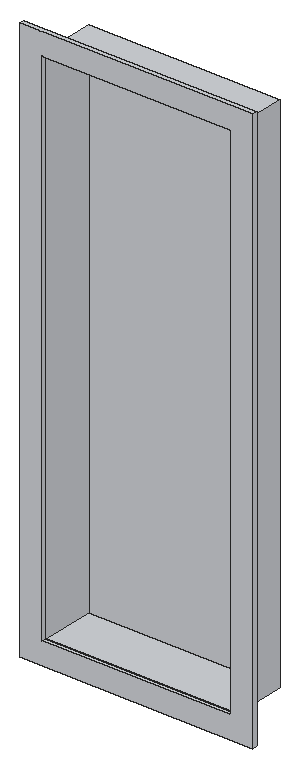
Revit family "Hager-VOLTA-Flush_mounted-Other-Without_Cover-Without_DIN-NoHosted-AT-de", category Electrical Equipment, Revit 2023
Family settings
  Panel Configuration = Two Columns, Circuits Across
  Round Connector Dimension = Use Diameter
  Part Type = Panelboard
  Work Plane-Based = Yes
  Always vertical = Yes
  Cut with Voids When Loaded = No
  Maintain Annotation Orientation = No
  Shared = No
  Room Calculation Point = No
Parameters (values of type "VOLTA-Flush_mounted_W348_H880_D98_12_Modular_Spacing-VU60NK")
  Width Control [instance] = if([HG000006-Unterputz], if([EF000846 - Einbaubreite] > min_whd, [EF000846 - Einbaubreite], min_whd), if([EF000008 - Breite] > min_whd, ([EF000008 - Breite]), min_whd))  # 314 mm
  Void Depth [instance] = if([EF000218 - Einbautiefe] > 1 mm, [EF000218 - Einbautiefe], 1 mm)  # 90 mm
  Uniformat code = "D501001"
  Uniformat = "Low Tension Service & Dist."
  Référence = ""
  HGEF0002950-Breite in Teilungseinheiten = 12
  HGEF000266-Anzahl der Reihen = 5
  HG000131 - Functional label [instance] = ""
  HG000130 - Functional name [instance] = ""
  HG000099-Onfly Template ID-de-AT = "507532"
  HG000059-Operating voltage-de-AT [instance] = 230 V
  HG000017-Distanz zwischen den Polen = 18 mm
  HG000016-3D-Türsichtbarkeit = yes
  HG000015-Sichtbarkeit der Türöffnung = yes
  HG000014-Tür rechts = yes
  HG000013-Tür links = no
  HG000012-Türschwenkwinkel = 90.00°
  HG000011-Leere Reihen von unten = no
  HG000010-Asymmetrische Türen = no
  HG000009-Doppelflügeligen Tür = no
  HG000008-Anzahl der leeren Reihen = 0
  HG000007-Anzahl der leeren Spalten = 0
  HG000006-Unterputz = yes
  HG000005-Dicke = 2 mm
  HG000004-Herstellerreferenz = "VU60NK"
  HG000003-Bereich = "VOLTA"
  HG000002-Mit tür = no
  HG000001-Anzahl der Spalten = 0
  ETIM class name = "Small distribution board"
  ETIM class code = "EC000214"
  EF015941 - Signaldurchlassende Tür = no
  EF015777 - Neutralleiterklemmenblock = no
  EF015776 - Erdungsklemmenblock = no
  EF009212 - Ausführung Deckel = ""
  EF006306 - Mit Schloss = no
  EF006244 - Transparenter Deckel/Tür = no
  EF005474 - Schutzart (IP) = "sonstige"
  EF004464 - Art der Tür = ""
  EF004462 - Art der Schließung = "sonstige"
  EF002950 - Breite in Teilungseinheiten = 12
  EF001596 - Werkstoff des Gehäuses = ""
  EF001134 - DIN-Schiene = no
  EF001131 - Innentiefe = 0 mm
  EF001088 - Anbaumöglichkeit = yes
  EF001062 - EMV-Ausführung = no
  EF000846 - Einbaubreite = 314 mm
  EF000339 - Art der Abdeckung = ""
  EF000332 - Einbauhöhe = 865 mm
  EF000266 - Anzahl der Reihen = 5
  EF000218 - Einbautiefe = 90 mm
  EF000118 - Mit Montageplatte = no
  EF000116 - RAL-Nummer = 9010
  EF000049 - Tiefe = 98 mm
  EF000040 - Höhe = 880 mm
  EF000024 - UV-beständig = no
  EF000008 - Breite = 348 mm
  EF000007 - Farbe = "weiß"
  EF000003 - Montageart = "Unterputz"
  Type Comments = ""
  System Height [instance] = Height Control - 2 * [HG000005-Dicke]  # 861 mm
  Reference description = ""
  Reference = "VOLTA-Flush_mounted_W348_H880_D98_12_Modular_Spacing-VU60NK"
  Panel Name [instance] = ""  # (empty or 0)
  Offset [instance] = 0 mm
  Object type = ""
  Name hager = "ADD_Enclosures_EC000214"
  Name BIM&CO = "Electricity"
  Name = "VOLTA-Flush_mounted-Other-Without_Cover-Without_DIN-AT"
  Model = ""
  Level Offset [instance] = [Flush Mounted - Door Frame Width] + Offset  # 15 mm
  HG000060-RAL-number = "9010"
  GTIN (Global Trade Item Number) = ""
  Description = ""
  Default Elevation = 1200 mm
  Creation Date = "12/15/2025 21:42:06"
  Code hager = "ADD-EC000214_EU"
  Code Uniformat = ""
  BIM&CO code = ""
  BC_VARIANT_ID = "1174071"
  BC_OBJECT_VERSION = "#3"  # constant formula
  BC_OBJECT_ID = "513456"  # constant formula
  BC_MODEL_ID = "1547064"  # constant formula
  BC_METADATA = "{\"ObjectGuid\":\"bc35c96e-cb38-443e-833d-0616858cb9ac\",\"ModelGuid\":\"8af03f69-2293-4735-a617-cc53adf55621\",\"VariantGuid\":\"8b6e323b-1b53-409a-a940-11b5a7fc5337\",\"Revision\":\"#4\",\"VariantName\":\"Template-Enclosure_EU-EC000214\"}"
  Arrow Offset [instance] = Depth Control / 8  # 11.25 mm
  Arrow Height [instance] = Depth Control - Arrow Offset  # 78.75 mm
  Host Offset [instance] = if([HG000006-Unterputz], 0 mm, [EF000049 - Tiefe])  # 0 mm
  min_whd [instance] = (2 * [HG000005-Dicke]) + 1 mm  # 5 mm
  Manufacturer = "Hager"  # constant formula
  Height Control [instance] = if([HG000006-Unterputz], if([EF000332 - Einbauhöhe] > min_whd, [EF000332 - Einbauhöhe], min_whd), if([EF000040 - Höhe] > min_whd, ([EF000040 - Höhe]), min_whd))  # 865 mm
  Flush Mounted - Door Frame Width [instance] = if(([EF000040 - Höhe] - [EF000332 - Einbauhöhe]) > 0 mm, if([HG000006-Unterputz], [EF000040 - Höhe] - [EF000332 - Einbauhöhe], 0 mm), 0 mm)  # 15 mm
  Depth Control [instance] = if([HG000006-Unterputz], if([EF000218 - Einbautiefe] > 0 mm, [EF000218 - Einbautiefe], 1 mm), if([EF000049 - Tiefe] > 0 mm, ([EF000049 - Tiefe]), 1 mm))  # 90 mm
Types (5, lengths in mm): name | HGEF000266-Anzahl der Reihen | HG000004-Herstellerreferenz | EF009212 - Ausführung Deckel | EF004462 - Art der Schließung | EF001062 - EMV-Ausführung | EF000332 - Einbauhöhe | EF000266 - Anzahl der Reihen | EF000116 - RAL-Nummer | EF000049 - Tiefe | EF000040 - Höhe | EF000008 - Breite | EF000007 - Farbe | System Height | Reference | Level Offset | HG000060-RAL-number | BC_VARIANT_ID | Height Control | Flush Mounted - Door Frame Width
  VOLTA-Flush_mounted_W330_H355_D94_12_Modular_Spacing-VU12NK | 1 | "VU12NK" | "geschlossen" | "" | yes | 346 | 1 | 7035 | 94 | 355 | 330 | "grau" | 342 | "VOLTA-Flush_mounted_W330_H355_D94_12_Modular_Spacing-VU12NK" | 9 | "7035" | "1174067" | 346 | 9
  VOLTA-Flush_mounted_W348_H505_D98_12_Modular_Spacing-VU24NK | 2 | "VU24NK" | "" | "sonstige" | no | 471 | 2 | 9010 | 98 | 505 | 348 | "weiß" | 467 | "VOLTA-Flush_mounted_W348_H505_D98_12_Modular_Spacing-VU24NK" | 34 | "9010" | "1174068" | 471 | 34
  VOLTA-Flush_mounted_W348_H630_D98_12_Modular_Spacing-VU36NK | 3 | "VU36NK" | "" | "sonstige" | no | 596 | 3 | 9010 | 98 | 630 | 348 | "weiß" | 592 | "VOLTA-Flush_mounted_W348_H630_D98_12_Modular_Spacing-VU36NK" | 34 | "9010" | "1174069" | 596 | 34
  VOLTA-Flush_mounted_W348_H755_D98_12_Modular_Spacing-VU48NK | 4 | "VU48NK" | "" | "sonstige" | no | 721 | 4 | 9010 | 98 | 755 | 348 | "weiß" | 717 | "VOLTA-Flush_mounted_W348_H755_D98_12_Modular_Spacing-VU48NK" | 34 | "9010" | "1174070" | 721 | 34
  VOLTA-Flush_mounted_W348_H880_D98_12_Modular_Spacing-VU60NK | 5 | "VU60NK" | "" | "sonstige" | no | 865 | 5 | 9010 | 98 | 880 | 348 | "weiß" | 861 | "VOLTA-Flush_mounted_W348_H880_D98_12_Modular_Spacing-VU60NK" | 15 | "9010" | "1174071" | 865 | 15
Reference planes
  plane 1 "Center (Front/Back)": y = 0
  plane 2: z = 0
  plane 3 "Center (Left/Right)": x = 0
  plane 4: y = 17
  plane 5: y = 90
  plane 6: y = 15
  plane 7: z = 0
  plane 8: x = -157
  plane 9: x = 157
  plane 10: x = 155
  plane 11: x = -155
  plane 12: z = 15
  plane 13: z = 17
  plane 14: y = 5
  plane 15: y = 0
  plane 16: y = 88
  plane 17: z = 878
  plane 18: z = 880
  plane 19: z = 447.5
  plane 20: x = 0
  plane 21: y = -100
  plane 22 "Annotation H": y = -300
  plane 23 "Annotation V": x = 357
Forms (mm)
  Extrusion 1, solid
    sketch origin (-208.679, -4572, 15) x (-1, 0, 0) y (0, -1, 0)
      loop
        line (-51.679, -4572) -> (-365.679, -4572) -> (-365.679, -4662) -> (-51.679, -4662) -> (-51.679, -4572)
    from 0 to 865 <- "Height Control"
  Extrusion 2, void
    sketch origin (-350.771, 0, 1219.2) x (1, 0, 0) y (0, 0, 1)
      loop
        line (195.771, -341.2) -> (195.771, -1202.2) -> (505.771, -1202.2) -> (505.771, -341.2) -> (195.771, -341.2)
    from 0 to -88
  Extrusion 3, solid, detail levels coarse+medium
    sketch origin (-350.771, 0, 1219.2) x (-1, 0, 0) y (0, 0, 1)
      loop
        line (-195.771, -341.2) -> (-505.771, -341.2) -> (-505.771, -1202.2) -> (-195.771, -1202.2) -> (-195.771, -341.2)
    from 0 to 2 <- "HG000005-Dicke"
Cuts and joins
  Extrusion 2 cuts Extrusion 1
Dimensions and locks
  "Flush Mounted - Door Frame Width": plane 1 "Center (Front/Back)" to plane 6
  "HG000005-Dicke": plane 4 to plane 6
  "HG000005-Dicke": plane 8 to plane 11
  "HG000005-Dicke": plane 9 to plane 10
  equal spacing: plane 8, plane 3 "Center (Left/Right)", plane 9
  "Width Control": plane 8 to plane 9
  locked: plane 14 to plane 15 at 5
  "Host Offset": plane 1 "Center (Front/Back)" to plane 15
  "Depth Control": plane 5 to plane 15
  "HG000005-Dicke": plane 5 to plane 16
  "HG000005-Dicke": plane 13 to plane 12
  "Level Offset": plane 12 to level
  "HG000005-Dicke": plane 18 to plane 17
  "Height Control": plane 18 to plane 12
  "Arrow Offset": plane 5 to nested 4
  equal spacing: plane 18, plane 19, plane 12
  locked: connector elem to plane 19
  locked: connector elem to plane 3 "Center (Left/Right)"
  Extrusion 2 sketch curve to Extrusion 2 sketch curve to plane 9 = 310 mm, 2 mm
  locked: plane 9 to plane 23 "Annotation V" at 200
  locked: plane 22 "Annotation H" to plane 1 "Center (Front/Back)" at 300
  aligned and locked: nested 1 to plane 14
  aligned and locked: plane 3 "Center (Left/Right)" to nested 1
  aligned and locked: plane 3 "Center (Left/Right)" to nested 2
  aligned and locked: nested 2 to plane 15
  aligned and locked: plane 5 to Extrusion 1
  aligned and locked: Extrusion 3 sketch curve to plane 17
  aligned and locked: Extrusion 3 sketch curve to plane 11
  aligned and locked: plane 13 to Extrusion 3 sketch curve
  aligned and locked: Extrusion 3 sketch curve to plane 10
  aligned and locked: plane 13 to Extrusion 2 sketch curve
  aligned and locked: Extrusion 2 sketch curve to plane 17
  aligned and locked: plane 16 to Extrusion 2
  aligned and locked: plane 5 to Extrusion 1 sketch curve
  aligned and locked: plane 9 to Extrusion 1 sketch curve
  aligned and locked: plane 8 to Extrusion 1 sketch curve
  aligned and locked: plane 8 to nested 4
  aligned and locked: plane 8 to nested 3
  aligned and locked: nested 3 to plane 5
  aligned and locked: Extrusion 1 sketch curve to plane 15
  aligned and locked: Extrusion 2 to plane 15
  aligned and locked: nested 5 to plane 22 "Annotation H"
  aligned and locked: plane 23 "Annotation V" to nested 5
  aligned and locked: plane 11 to Extrusion 2
  aligned and locked: plane 10 to Extrusion 2
Nested families
  nested 1: "Hager_Enclosure_System" at (0, 5, 17), Height <- "System Height", Width_Control <- "Width Control", Built-in_Width <- "EF000846 - Einbaubreite", Width <- "EF000008 - Breite", Depth <- "HG000005-Dicke", Border <- "HG000005-Dicke", Distance_Between_Poles <- "HG000017-Distanz zwischen den Polen", Flush_Mounted <- "HG000006-Unterputz", Empty_Columns <- "HG000007-Anzahl der leeren Spalten", Total_No_Empty_Rows <- "HG000008-Anzahl der leeren Reihen", Empty_Rows_From_Bottom <- "HG000011-Leere Reihen von unten", Columns_Count <- "HG000001-Anzahl der Spalten", Rows_Count <- "HGEF000266-Anzahl der Reihen", Row_Module_Multiplicator <- "HGEF0002950-Breite in Teilungseinheiten", type "Hager_Enclosure_System", detail levels medium+fine
    with Width_Control 314 mm, Width 348 mm, Total_No_Rows 5, Total_No_Empty_Rows 0, Total_No_Columns 1, System_Width 310 mm, Rows_Count 5, Rows_Column 5, Row_Module_Multiplicator 12, Panel_4 no, Panel_3 no, Panel_2 no, Panel_1 no, No_Panels_Ctrl 1, Hide_Columns yes, Height 861 mm, Flush_Mounted yes, Empty_Rows_From_Bottom no, Empty_Rows_Column 0, Empty_Columns 0, Empty column 4 0, Empty column 3 0, Empty column 2 0, Empty column 1 0, Distance_Between_Poles 18 mm, Depth 2 mm, Columns_Count 0, Column_Width 310 mm, Built-in_Width 314 mm, Border 2 mm
  nested 2: "Hager_Enclosure_Door" at (0, 0, 15), Height_Ctrl <- "Height Control", Width_Ctrl <- "Width Control", BuiltIn_Depth <- "EF000218 - Einbautiefe", Depth <- "EF000049 - Tiefe", BuiltIn_Width <- "EF000846 - Einbaubreite", Height <- "EF000040 - Höhe", BuiltIn_Height <- "EF000332 - Einbauhöhe", Width <- "EF000008 - Breite", Transparent <- "EF006244 - Transparenter Deckel/Tür", Border <- "HG000005-Dicke", Door <- "HG000002-Mit tür", Flush_Mounted <- "HG000006-Unterputz", Double <- "HG000009-Doppelflügeligen Tür", Assymetrical <- "HG000010-Asymmetrische Türen", Angle <- "HG000012-Türschwenkwinkel", Door_Left <- "HG000013-Tür links", Door_Right <- "HG000014-Tür rechts", Clearance <- "HG000015-Sichtbarkeit der Türöffnung", 3d_Door <- "HG000016-3D-Türsichtbarkeit", type "Hager_Enclosure_Door", detail levels medium+fine
    with min_wh 5 mm, Width_Ctrl 314 mm, Width 348 mm, Transparent_Door_No_Bottom_Border no, Transparent no, Leaf_Width 307 mm, Leaf_Tolerance 1.5 mm, Leaf_Height 858 mm, Leaf_2_Width 307 mm, Leaf_2_Offset 153.5 mm, Leaf_1_Width 307 mm, Leaf_1_Offset 153.5 mm, Height_Ctrl 865 mm, Height 880 mm, Frame_Width_Ctrl 34 mm, Frame_Width 34 mm, Frame_Internal_Offset 2 mm, Frame_Height_Ctrl 15 mm, Frame_Height 15 mm, Frame_Depth_Ctrl 8 mm, Frame_Depth 8 mm, Flush_Mounted yes, Double_Clearance_Ctrl no, Double no, Door_Right_Ctrl no, Door_Right yes, Door_Left_Ctrl no, Door_Left no, Door no, Depth 98 mm, Clearance_Depth 307 mm, Clearance_Ctrl yes, Clearance yes, BuiltIn_Width 314 mm, BuiltIn_Height 865 mm, BuiltIn_Depth 90 mm, Border 2 mm, Assymetrical no, Angle 90.00°, 3d_Door yes
  nested 3: "Hager_Enclosure_Symbol_Triangle" at (-157, 90, 0), Depth <- "Depth Control", Width <- "Width Control", type "Hager_Enclosure_Symbol_Triangle"
    with Width_Ctrl 314 mm, Width 314 mm, Depth_Ctrl 90 mm, Depth 90 mm
  nested 4: "Hager_Enclosure_Symbol_Arrow" at (-157, 78.75, 0), Height <- "Arrow Height", type "Hager_Enclosure_Symbol_Arrow"
    with Width_Inside 5.906 mm, Width 70.875 mm, Height_Ctrl 78.75 mm, Height 78.75 mm
  nested 5: "Hager_Annotation-HG000130" at (357, -300, 0), HG000130 - Functional name <- "HG000130 - Functional name", type "Hager_Annotation-HG000130"
    with HG000130 - Functional name ""
Connectors
  electrical at (0, 90, 447.5), driven by "HG000059-Operating voltage-de-AT"
    settings: on plane 5, index 1, voltage 230 V, apparent load 0 VA, apparent load phase1 0 VA, apparent load phase2 0 VA, apparent load phase3 0 VA, power factor 1, load classification "Other", number of poles 1, system type 30, power factor state 1, is connector primary yes, connector utility no, sub classification motor no, connector description ""
Definition of nested family "Hager_Enclosure_Door"
  Parameters (values of type "Hager_Enclosure_Door")
    min_wh [instance] = (2 * Border) + 1 mm  # 11 mm
    Width_Ctrl [instance] = 400 mm
    Width [instance] = 500 mm
    Transparent_Door_No_Bottom_Border [instance] = no
    Transparent [instance] = yes
    Leaf_Width [instance] = if((Width_Ctrl - 2 * Border - 2 * Leaf_Tolerance) > 0 mm, (Width_Ctrl - 2 * Border - 2 * Leaf_Tolerance), min_wh)  # 387 mm
    Leaf_Tolerance [instance] = 1.5 mm  # constant formula
    Leaf_Height [instance] = if((Height_Ctrl - 2 * Border - 2 * Leaf_Tolerance) > 0 mm, (Height_Ctrl - 2 * Border - 2 * Leaf_Tolerance), min_wh)  # 387 mm
    Leaf_2_Width [instance] = if(and(and(Double, Assymetrical), Door_Left), (Leaf_Width / 3) - (Leaf_Tolerance / 2), if(and(and(Double, Assymetrical), Door_Right), (Leaf_Width / 3) * 2 - (Leaf_Tolerance / 2), if(and(Double, not(Assymetrical)), (Leaf_Width / 2) - Leaf_Tolerance, Leaf_Width)))  # 387 mm
    Leaf_2_Offset [instance] = if(and(Double, Assymetrical), Leaf_2_Width / 2, if(and(Double, not(Assymetrical)), Leaf_Width / 4, Leaf_Width / 2))  # 193.5 mm
    Leaf_1_Width [instance] = if(and(and(Double, Assymetrical), Door_Right), (Leaf_Width / 3) - (Leaf_Tolerance / 2), if(and(and(Double, Assymetrical), Door_Left), (Width / 3) * 2 - (Leaf_Tolerance / 2), if(and(Double, not(Assymetrical)), (Leaf_Width / 2) - Leaf_Tolerance, Leaf_Width)))  # 387 mm
    Leaf_1_Offset [instance] = if(and(Double, Assymetrical), Leaf_1_Width / 2, if(and(Double, not(Assymetrical)), Leaf_Width / 4, Leaf_Width / 2))  # 193.5 mm
    Height_Ctrl [instance] = 400 mm
    Height [instance] = 500 mm
    Frame_Width_Ctrl [instance] = if(Frame_Width > 0 mm, Frame_Width, 1 mm)  # 1 mm
    Frame_Width [instance] = Width - BuiltIn_Width  # 0 mm
    Frame_Internal_Offset [instance] = if(Flush_Mounted, Border, 0 mm)  # 5 mm
    Frame_Height_Ctrl [instance] = if(Frame_Height > 0 mm, Frame_Height, 1 mm)  # 1 mm
    Frame_Height [instance] = Height - BuiltIn_Height  # 0 mm
    Frame_Depth_Ctrl [instance] = if(Frame_Depth > 0 mm, Frame_Depth, 1 mm)  # 1 mm
    Frame_Depth [instance] = if(Depth - BuiltIn_Depth > 0 mm, if(Flush_Mounted, Depth - BuiltIn_Depth, 0 mm), 0 mm)  # 0 mm
    Flush_Mounted [instance] = yes
    Double_Clearance_Ctrl [instance] = and(Double, Clearance)  # no
    Double [instance] = no
    Door_Right_Ctrl [instance] = and(or(Door_Right, Double), Door)  # yes
    Door_Right [instance] = yes
    Door_Left_Ctrl [instance] = and(or(Door_Left, Double), Door)  # no
    Door_Left [instance] = no
    Door [instance] = yes
    Depth [instance] = 500 mm
    Default Elevation = 1219.2 mm
    Clearance_Material = none
    Clearance_Depth [instance] = if(Leaf_1_Width > Leaf_2_Width, Leaf_1_Width, Leaf_2_Width)  # 387 mm
    Clearance_Ctrl [instance] = and(not(Double), Clearance)  # yes
    Clearance [instance] = yes
    BuiltIn_Width [instance] = 500 mm
    BuiltIn_Height [instance] = 500 mm
    BuiltIn_Depth [instance] = 500 mm
    Border [instance] = 5 mm
    Assymetrical [instance] = yes
    Angle [instance] = 30.00°
    3d_Door [instance] = yes
  Reference planes
    plane 1 "Center (Front/Back)": y = 0
    plane 2 "Bottom": z = 0
    plane 3 "Center (Left/Right)": x = 0
    plane 4: z = 400
    plane 5: x = -200
    plane 6: x = 200
    plane 7: z = 395
    plane 8: x = -195
    plane 9: z = 5
    plane 10: x = 195
    plane 11: y = 0
    plane 12: z = 6.5
    plane 13: x = -582
    plane 14: y = -387
    plane 15: x = 582
    plane 16: x = 0
    plane 17: x = 0
    plane 18: x = -193.5
    plane 19: x = 193.5
    plane 20: z = 393.5
  Forms (mm)
    Extrusion 1, solid, visible <- "Flush_Mounted"
      sketch origin (0, 0, 0) x (1, 0, 0) y (0, 0, 1)
        loop
          line (195, 5) -> (195, 395) -> (-195, 395) -> (-195, 5) -> (195, 5)
        loop
          line (-201, 401) -> (-201, -1) -> (201, -1) -> (201, 401) -> (-201, 401)
      from 0 to 1 <- "Frame_Depth_Ctrl"
    Extrusion 2, solid, material <- "Clearance_Material", visible <- "Double_Clearance_Ctrl"
      sketch origin (1200, 0, 0) x (1, 0, 0) y (0, 0, -1)
        loop
          line (-1782, -393.5) -> (-618, -393.5) -> (-618, 0) -> (-1782, 0) -> (-1782, -393.5)
      from 0 to -387
  Dimensions and locks
    equal spacing: plane 5, plane 3 "Center (Left/Right)", plane 6
    "Width_Ctrl": plane 5 to plane 6
    "Border": plane 5 to plane 8
    "Border": plane 6 to plane 10
    "Border": plane 9 to level
    "Border": plane 4 to plane 7
    "Height_Ctrl": plane 4 to level
    "Leaf_Tolerance": plane 12 to plane 9
    "Frame_Depth": plane 11 to plane 1 "Center (Front/Back)"
    "Frame_Width_Ctrl": plane 5 to Extrusion 1 sketch curve
    "Frame_Width_Ctrl": plane 6 to Extrusion 1 sketch curve
    "Frame_Width_Ctrl": Extrusion 1 sketch curve to plane 4
    "Frame_Width_Ctrl": plane 2 "Bottom" to Extrusion 1 sketch curve
    "Leaf_1_Offset": plane 18 to plane 16
    "Leaf_2_Offset": plane 17 to plane 19
    "Leaf_1_Width": plane 13 to plane 8
    "Leaf_2_Width": plane 10 to plane 15
    "Clearance_Depth": plane 14 to plane 1 "Center (Front/Back)"
    "Leaf_Tolerance": plane 8 to plane 18
    "Leaf_Tolerance": plane 19 to plane 10
    "Leaf_Tolerance": plane 7 to plane 20
    "Frame_Internal_Offset": plane 5 to Extrusion 1 sketch curve
    "Frame_Internal_Offset": Extrusion 1 sketch curve to plane 2 "Bottom"
    "Frame_Internal_Offset": plane 6 to Extrusion 1 sketch curve
    "Frame_Internal_Offset": plane 4 to Extrusion 1 sketch curve
    aligned and locked: level to plane 2 "Bottom"
    aligned and locked: nested 1 to plane 16
    aligned and locked: nested 2 to plane 17
    aligned and locked: Extrusion 2 to plane 13
    aligned and locked: plane 15 to Extrusion 2
    aligned and locked: Extrusion 2 to plane 14
    aligned and locked: plane 12 to nested 1
    aligned and locked: nested 2 to plane 12
    aligned and locked: Extrusion 2 to plane 11
    aligned and locked: plane 20 to Extrusion 2
    aligned and locked: nested 2 to plane 11
    aligned and locked: nested 1 to plane 11
  Automatic sketch dimensions
    Extrusion 2 sketch curve to level = 0 mm
    plane 5 to Extrusion 2 sketch curve = 382 mm
    plane 6 to Extrusion 2 sketch curve = 382 mm
    Extrusion 2 sketch curve to plane 4 = 6.5 mm
  Nested families
    nested 1: "Hager_Enclosure_Door_Leaf" at (0, 0, 6.5), Width <- "Leaf_1_Width", visible <- "Door_Left_Ctrl", Leaf_Height <- "Leaf_Height", Angle <- "Angle", Depth <- "Border", 3d_Door <- "3d_Door", Transparent <- "Transparent", Clearance Material <- "Clearance_Material", Clearance <- "Clearance_Ctrl", Transparent_Door_No_Bottom_Border <- "Transparent_Door_No_Bottom_Border", type "Hager_Enclosure_Door_Leaf"
      with Width 387 mm, Transparent_Door_No_Bottom_Border no, Transparent_Door_Border_Bottom_Top 25 mm, Transparent_Door_Border 25 mm, Transparent_Ctrl yes, Transparent yes, Standard no, Leaf_Height 387 mm, Glass_Offset 1 mm, Depth 5 mm, Clearance Material none, Clearance yes, Angle_Ctrl 30.00°, Angle 30.00°, 3d_Door yes
    nested 2: "Hager_Enclosure_Door_Leaf" at (0, 0, 6.5) x (-1, 0, 0) z (0, 0, 1), Width <- "Leaf_2_Width", visible <- "Door_Right_Ctrl", Leaf_Height <- "Leaf_Height", Angle <- "Angle", Depth <- "Border", 3d_Door <- "3d_Door", Transparent <- "Transparent", Clearance Material <- "Clearance_Material", Clearance <- "Clearance_Ctrl", Transparent_Door_No_Bottom_Border <- "Transparent_Door_No_Bottom_Border", type "Hager_Enclosure_Door_Leaf"
      with Width 387 mm, Transparent_Door_No_Bottom_Border no, Transparent_Door_Border_Bottom_Top 25 mm, Transparent_Door_Border 25 mm, Transparent_Ctrl yes, Transparent yes, Standard no, Leaf_Height 387 mm, Glass_Offset 1 mm, Depth 5 mm, Clearance Material none, Clearance yes, Angle_Ctrl 30.00°, Angle 30.00°, 3d_Door yes
  Definition of nested family "Hager_Enclosure_Door_Leaf"
    Parameters (values of type "Hager_Enclosure_Door_Leaf")
      Width [instance] = 2000 mm
      Transparent_Door_No_Bottom_Border [instance] = yes
      Transparent_Door_Border_Bottom_Top [instance] = if(Transparent_Door_No_Bottom_Border, 0.1 mm, Transparent_Door_Border)  # 0.1 mm
      Transparent_Door_Border [instance] = if(Transparent_Door_No_Bottom_Border, (Width * 0.12), 25 mm)  # 240 mm
      Transparent_Ctrl [instance] = and(Transparent, [3d_Door])  # yes
      Transparent [instance] = yes
      Standard [instance] = and(not(Transparent), [3d_Door])  # no
      Leaf_Height [instance] = 2720.336 mm
      Glass_Offset [instance] = if((Depth - 10 mm) / 2 > 0 mm, (Depth - 10 mm) / 2, 1 mm)  # 15 mm
      Glass_Material = none
      Depth [instance] = 40 mm
      Default Elevation = 0 mm
      Clearance Material [instance] = none
      Clearance [instance] = yes
      Angle_Ctrl [instance] = if(Angle > 170.00°, 170.00°, Angle)  # 45.00°
      Angle [instance] = 45.00°
      3d_Door [instance] = yes
    Reference planes
      plane 1 "Center (Front/Back)": y = 0
      plane 2: z = 0
      plane 3 "Center (Left/Right)": x = 0
      plane 4: y = 2000
      plane 5: x = -1000
      plane 6: x = 1000
      plane 7: x = -3000
      plane 8: z = 2720.336
      plane 9: z = 0.1
      plane 10: z = 2720.236
      plane 11: x = 760
      plane 12: x = -760
    Forms (mm)
      Extrusion 1, solid, material <- "Clearance Material", visible <- "Clearance"
        sketch origin (0, 0, 0) x (1, 0, 0) y (0, 0, 1)
          loop
            line (-3000, 2720.336) -> (-3000, 0) -> (1000, 0) -> (1000, 2720.336) -> (-3000, 2720.336)
        from 0 to -2000
      Extrusion 2, solid, visible <- "Standard", detail levels medium+fine
        sketch origin (-1000, 0, 0) x (0.707107, 0.707107, 0) y (-0.707107, 0.707107, 0)
          loop
            line (0, -40) -> (2000, -40) -> (2000, 0) -> (0, 0) -> (0, -40)
        from 0 to 2720.336 <- "Leaf_Height"
      Extrusion 3, solid, visible <- "Transparent_Ctrl", detail levels medium+fine
        sketch origin (-1000, 0, 0) x (0.707107, 0.707107, 0) y (-0.707107, 0.707107, 0)
          loop
            line (0, -40) -> (2000, -40) -> (2000, 0) -> (0, 0) -> (0, -40)
        from 0 to 2720.336 <- "Leaf_Height"
      Extrusion 4, void, detail levels medium+fine
        sketch origin (-1000, 0, 0) x (-0.707107, 0.707107, 0) y (0.707107, 0.707107, 0)
          loop
            line (0, 240) -> (0, 1760) -> (-40, 1760) -> (-40, 240) -> (0, 240)
        from -2720.236 to -0.1
      Extrusion 5, solid, material <- "Glass_Material", visible <- "Transparent_Ctrl", detail levels medium+fine
        sketch origin (-1000, 0, 0) x (0.707107, 0.707107, 0) y (-0.707107, 0.707107, 0)
          loop
            line (240, -15) -> (240, -25) -> (1760, -25) -> (1760, -15) -> (240, -15)
        from 0.1 to 2720.236
    Cuts and joins
      Extrusion 4 cuts Extrusion 3
    Lines and regions (mm)
      symbolic lines
        curve 1: line (1000, 0, 0) -> (-3000, 0, 0)
        curve 2: arc (1000, 0, 0) -> (-1000, 2000, 0) -> (-3000, 0, 0) r 2000
        curve 4: line (-1000, 0, 0) -> (414.214, 1414.214, 0)
      reference lines
        curve 3: line (-1000, 0, 0) -> (414.214, 1414.214, 0)
      symbolic lines, detail levels medium+fine
        curve 5: line (414.214, 1414.214, 0) -> (442.498, 1385.929, 0)
        curve 6: line (442.498, 1385.929, 0) -> (-971.716, -28.284, 0)
        curve 7: line (-971.716, -28.284, 0) -> (-1000, 0, 0)
        curve 8: line (-1000, 0, 2720.336) -> (1000, 0, 2720.336)
        curve 9: line (-1000, 0, 0) -> (-1000, 0, 2720.336)
        curve 10: line (1000, 0, 0) -> (-1000, 0, 0)
        curve 11: line (1000, 0, 2720.336) -> (1000, 0, 0)
      symbolic lines, visible <- "Transparent_Ctrl", detail levels medium+fine
        curve 12: line (-760, 0, 2720.236) -> (760, 0, 2720.236)
        curve 13: line (-760, 0, 0.1) -> (-760, 0, 2720.236)
        curve 14: line (760, 0, 0.1) -> (-760, 0, 0.1)
        curve 15: line (760, 0, 2720.236) -> (760, 0, 0.1)
    Dimensions and locks
      "Width": plane 1 "Center (Front/Back)" to plane 4
      equal spacing: plane 5, plane 3 "Center (Left/Right)", plane 6
      "Width": plane 5 to plane 6
      "Width": plane 7 to plane 5
      "Leaf_Height": plane 8 to level
      "Depth": curve 6 to curve 3
      "Width": curve 5 to curve 3
      "Width": curve 3 to curve 3
      "Transparent_Door_Border": Extrusion 4 sketch curve to curve 7
      "Transparent_Door_Border": Extrusion 4 sketch curve to curve 5
      "Transparent_Door_Border_Bottom_Top": plane 8 to plane 10
      "Transparent_Door_Border_Bottom_Top": plane 9 to level
      "Glass_Offset": Extrusion 5 sketch curve to curve 4
      "Glass_Offset": Extrusion 5 sketch curve to curve 6
      "Transparent_Door_Border": Extrusion 5 sketch curve to curve 5
      "Transparent_Door_Border": Extrusion 5 sketch curve to curve 7
      "Transparent_Door_Border": plane 12 to plane 5
      "Transparent_Door_Border": plane 6 to plane 11
      "Angle_Ctrl": angle plane 1 "Center (Front/Back)" to curve 3
      aligned and locked: level to plane 2
      aligned and locked: Extrusion 1 to curve 1
      aligned and locked: plane 6 to Extrusion 1
      aligned and locked: Extrusion 1 to plane 1 "Center (Front/Back)"
      aligned and locked: plane 4 to Extrusion 1
      aligned and locked: plane 8 to Extrusion 1
      aligned and locked: curve 4 to curve 3
      aligned and locked: Extrusion 2 sketch curve to curve 7
      aligned and locked: Extrusion 2 sketch curve to curve 6
      aligned and locked: Extrusion 2 sketch curve to curve 5
      aligned and locked: Extrusion 2 sketch curve to curve 3
      aligned and locked: curve 7 to Extrusion 3 sketch curve
      aligned and locked: Extrusion 3 sketch curve to curve 4
      aligned and locked: Extrusion 3 sketch curve to curve 6
      aligned and locked: Extrusion 3 sketch curve to curve 5
      aligned and locked: curve 4 to Extrusion 4 sketch curve
      aligned and locked: curve 6 to Extrusion 4 sketch curve
      aligned and locked: Extrusion 4 to plane 9
      aligned and locked: Extrusion 4 to plane 10
      aligned and locked: Extrusion 5 to plane 9
      aligned and locked: Extrusion 5 to plane 10
      aligned and locked: curve 8 to plane 8
      aligned and locked: plane 5 to curve 9
      aligned and locked: plane 2 to curve 10
      aligned and locked: curve 11 to plane 6
      aligned and locked: plane 10 to curve 12
      aligned and locked: plane 12 to curve 13
      aligned and locked: curve 14 to plane 9
      aligned and locked: plane 11 to curve 15
    Automatic sketch dimensions
      plane 1 "Center (Front/Back)" to curve 2 = 0 mm
      curve 2 to plane 5 = 0 mm
      Extrusion 1 sketch curve to level = 0 mm
      Extrusion 1 sketch curve to plane 7 = 0 mm
      Extrusion 1 sketch curve to plane 6 = 0 mm
      Extrusion 1 sketch curve to plane 8 = 0 mm
      plane 1 "Center (Front/Back)" to curve 3 = 0 mm
      curve 3 to plane 5 = 0 mm
      curve 7 to curve 3 = 0 mm
Definition of nested family "Hager_Enclosure_Symbol_Triangle"
  Parameters (values of type "Hager_Enclosure_Symbol_Triangle")
    Width_Ctrl [instance] = if(Width > 1 mm, Width, 1 mm)  # 498 mm
    Width [instance] = 498 mm
    Depth_Ctrl [instance] = if(Depth > 1 mm, Depth, 1 mm)  # 72 mm
    Depth [instance] = 72 mm
  Reference planes
    plane 1 "Centre (avant/arrière)": y = 0
    plane 2: z = 0
    plane 3 "Centre (gauche/droite)": x = 0
  Lines and regions (mm)
    Filled region 1, type "Solid_Black", in view "Niveau de réf."
      outline origin (0, 0, 0) x (1, 0, 0) y (0, 1, 0)
        loop
          line (0, 0) -> (498, 0) -> (498, 72) -> (0, 0)
    reference lines, in view "Niveau de réf."
      curve 1: line (-206.153, 72, 0) -> (1083.258, 72, 0)
      curve 2: line (498, 405.456, 0) -> (498, -517.619, 0)
  Dimensions and locks
    "Depth_Ctrl": plane 1 "Centre (avant/arrière)" to curve 1
    "Width_Ctrl": plane 3 "Centre (gauche/droite)" to curve 2
    aligned and locked: curve 1 to Filled region 1 sketch curve
    aligned and locked: Filled region 1 sketch curve to plane 1 "Centre (avant/arrière)"
    aligned and locked: curve 2 to Filled region 1 sketch curve
    aligned and locked: plane 3 "Centre (gauche/droite)" to Filled region 1 sketch curve
    aligned and locked: plane 1 "Centre (avant/arrière)" to Filled region 1 sketch curve
  Automatic sketch dimensions
    curve 1 to plane 3 "Centre (gauche/droite)" = 206.153 mm
    curve 2 to curve 1 = 585.258 mm
    plane 1 "Centre (avant/arrière)" to curve 2 = 517.619 mm
    curve 2 to plane 1 "Centre (avant/arrière)" = 405.456 mm
Definition of nested family "Hager_Enclosure_Symbol_Arrow"
  Parameters (values of type "Hager_Enclosure_Symbol_Arrow")
    Width_Inside [instance] = if(Width / 12 > 2 mm, Width / 12, 2 mm)  # 4.987 mm
    Width [instance] = if(Height_Ctrl * 0.9 > 2 mm, Height_Ctrl * 0.9, 2 mm)  # 59.85 mm
    Height_Ctrl [instance] = if(Height > 2 mm, Height, 2 mm)  # 66.5 mm
    Height [instance] = 66.5 mm
  Reference planes
    plane 1 "Centre (avant/arrière)": y = 0
    plane 2: z = 0
    plane 3 "Centre (gauche/droite)": x = 0
    plane 4: x = 59.85
    plane 5: y = 28.263
    plane 6: y = 38.238
    plane 7: y = 66.5
    plane 8: x = 29.925
    plane 9: y = 33.25
  Lines and regions (mm)
    Filled region 1, type "Solid_Black", in view "Niveau de réf."
      outline origin (0, 0, 0) x (1, 0, 0) y (0, 1, 0)
        loop
          line (59.85, 66.5) -> (37.929, 52.827) -> (51.846, 41.935) -> (59.85, 66.5)
    detail lines, in view "Niveau de réf."
      curve 1: line (0, 0, 0) -> (29.925, 38.238, 0)
      curve 2: line (29.925, 38.238, 0) -> (29.925, 28.263, 0)
      curve 3: line (29.925, 28.263, 0) -> (59.85, 66.5, 0)
  Dimensions and locks
    "Width": plane 3 "Centre (gauche/droite)" to plane 4
    "Height_Ctrl": plane 7 to plane 1 "Centre (avant/arrière)"
    equal spacing: plane 3 "Centre (gauche/droite)", plane 8, plane 4
    equal spacing: plane 7, plane 9, plane 1 "Centre (avant/arrière)"
    equal spacing: plane 6, plane 9, plane 5
    "Width_Inside": plane 6 to plane 9
    equal spacing: curve 3, Filled region 1 sketch curve, Filled region 1 sketch curve
    angle Filled region 1 sketch curve to curve 3 = 20.00°
    angle curve 3 to Filled region 1 sketch curve = 20.00°
    locked: curve 3 to Filled region 1 sketch curve (angle 90.00°)
  Automatic sketch dimensions
    plane 1 "Centre (avant/arrière)" to curve 1 = 0 mm
    curve 1 to plane 3 "Centre (gauche/droite)" = 0 mm
    curve 2 to plane 6 = 0 mm
    curve 3 to plane 8 = 0 mm
    curve 3 to plane 4 = 0 mm
    curve 2 to plane 5 = 0 mm
    curve 3 to plane 7 = 0 mm
    Filled region 1 sketch curve to plane 4 = 0 mm
    Filled region 1 sketch curve to plane 7 = 0 mm
Definition of nested family "Hager_Annotation-HG000130"
  Parameters (values of type "Hager_Annotation-HG000130")
    HG000130 - Functional name [instance] = ""
  Reference planes
    plane 1: y = 0
    plane 2: x = 0
  Lines and regions (mm)
    detail lines
      curve 1: line (-27.5, 10, 0) -> (27.5, 10, 0)
      curve 2: line (-27.5, -10, 0) -> (-27.5, 10, 0)
      curve 3: line (27.5, -10, 0) -> (-27.5, -10, 0)
      curve 4: line (27.5, 10, 0) -> (27.5, -10, 0)
  Text (mm)
    label "HG000130 - Functional name" at (0.16, 0.026, 0), shows "HG000130 - Functional name"
